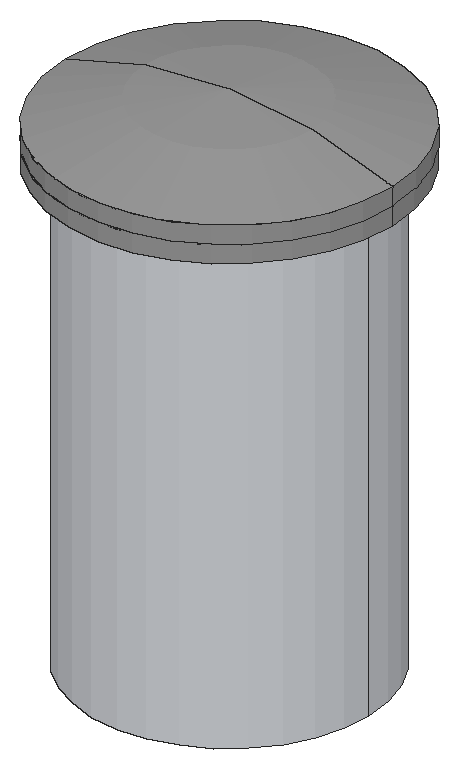
Revit family "PL200", category Lighting Fixtures, host Face, Revit 2024
Family settings
  Host = Face
  Round Connector Dimension = Use Diameter
  Part Type = Normal
  Cut with Voids When Loaded = No
  Light Source = Yes
  Maintain Annotation Orientation = No
  Shared = No
  Room Calculation Point = No
Parameters (values of type "PL200")
  Wattage = 9.2903 W
  built-in parameter 1150110 = 1 (stored number, unit not read)
  URL = "https://cdn.shopify.com/s/files/1/0618/1250/6818/files/Lumux_PL200.pdf?v=1675822205"
  built-in parameter 1114217 = 1 (stored number, unit not read)
  Tilt Angle = 90.00°
  built-in parameter 1150109 = 1 (stored number, unit not read)
  built-in parameter 1150134 = 3
  built-in parameter 1150113 = 1 (stored number, unit not read)
  built-in parameter 1010507 = 1.5708 (stored number, unit not read)
  built-in parameter 1010506 = 0.5236 (stored number, unit not read)
  Radius = 0' - 4 3/4"
  Model = "PL200"
  Manufacturer = "LUMUX"
  built-in parameter 1150105 = 4614.1 (stored number, unit not read)
  Lumens = 1380 lm
  built-in parameter 1150115 = 1 (stored number, unit not read)
  Light Source Symbol Length = 10' - 0"
  built-in parameter 1150137 = (empty or 0)
  built-in parameter 1150139 = (empty or 0)
  built-in parameter 1150112 = 1 (stored number, unit not read)
  built-in parameter 1150114 = 1 (stored number, unit not read)
  built-in parameter 1150132 = (empty or 0)
  built-in parameter 1150102 = (empty or 0)
  built-in parameter 1150107 = 3200 (stored number, unit not read)
  built-in parameter 1150138 = (empty or 0)
  built-in parameter 1150106 = 46.141 (stored number, unit not read)
  Emit from Line Length = 2' - 0"
  built-in parameter 1150104 = 13.8 (stored number, unit not read)
  Dimming Lamp Color Temperature Shift = <None>
  Description = "PATH LIGHT"
  Default Elevation = 4' - 0"
  Cutout = Radius - 0' 1"  # 0' - 3 3/4"
  Concrete Pour Box Dia = 0' - 8 1/8"
  Concrete Pour Box Depth = -1' - 1"
  Color Filter = 16777215
  CAP = yes
  built-in parameter 1114218 = 1 (stored number, unit not read)
  built-in parameter 1150133 = 10 (stored number, unit not read)
Reference planes (in)
  plane 1 "Center (Front/Back)": y = 0
  plane 2: z = 0
  plane 3 "Center (Left/Right)": x = 0
Forms (in)
  Extrusion 1, solid, material "Black"
    sketch origin (0, 0, 0) x (1, 0, 0) y (0, 1, 0)
      loop
        circle (0, 0) r 4.75
    from 0 to 0.5
  Extrusion 2, void
    sketch origin (0, 0, 0) x (1, 0, 0) y (0, 1, 0)
      loop
        circle (0, 0) r 3.75
    from 0.25 to 2.84795
  Extrusion 3, solid
    sketch origin (0, 0, 0) x (1, 0, 0) y (0, 1, 0)
      loop
        circle (0, 0) r 4.0625
    from 0 to -13 <- "Concrete Pour Box Depth"
  Revolve 4, solid, material "Black", visible <- "CAP"
    sketch origin (0, 0, 0) x (1, 0, 0) y (0, 0, 1)
      loop
        line (0, 0.5) -> (0, 1.875)
        arc (0, 1.875) -> (-2.41485, 1.65385) -> (-4.75, 1) r 13.36546
        line (-4.75, 1) -> (-4.75, 0.5) -> (0, 0.5)
      axis (0, 1.875) -> (0, 0.5)
    angle from 0 to 360
Cuts and joins
  Extrusion 2 cuts Extrusion 1
Dimensions and locks (in)
  "Radius": radius of Extrusion 1 sketch curve
  "Cutout": radius of Extrusion 2 sketch curve
  "Concrete Pour Box Dia": diameter of Extrusion 3 sketch curve
  aligned and locked: plane 2 to host face
  aligned and locked: level to host face
Automatic sketch dimensions
  host sketch curve to host sketch curve = 8' - 0"  (x2)
  plane 1 "Center (Front/Back)" to Extrusion 1 sketch curve = 0' - 0"
  Extrusion 1 sketch curve to plane 3 "Center (Left/Right)" = 0' - 0"
  plane 1 "Center (Front/Back)" to Extrusion 2 sketch curve = 0' - 0"
  Extrusion 2 sketch curve to plane 3 "Center (Left/Right)" = 0' - 0"
  plane 1 "Center (Front/Back)" to Extrusion 3 sketch curve = 0' - 0"
  Extrusion 3 sketch curve to plane 3 "Center (Left/Right)" = 0' - 0"
  Revolve 4 sketch curve to plane 3 "Center (Left/Right)" = 0' - 0"  (x2)
  level to Revolve 4 sketch curve = 0' - 0 1/2"
  Revolve 4 sketch curve to Revolve 4 sketch curve = 0' - 4 3/4"
  plane 3 "Center (Left/Right)" to Revolve 4 sketch curve = 0' - 0.00647"
  Revolve 4 sketch curve to level = 0' - 11.49046"
  Revolve 4 sketch curve to level = 0' - 1 1/8"
  Revolve 4 sketch curve to Revolve 4 sketch curve = 0' - 0 1/2"
  Revolve 4 sketch curve to Revolve 4 sketch curve = 0' - 2"
